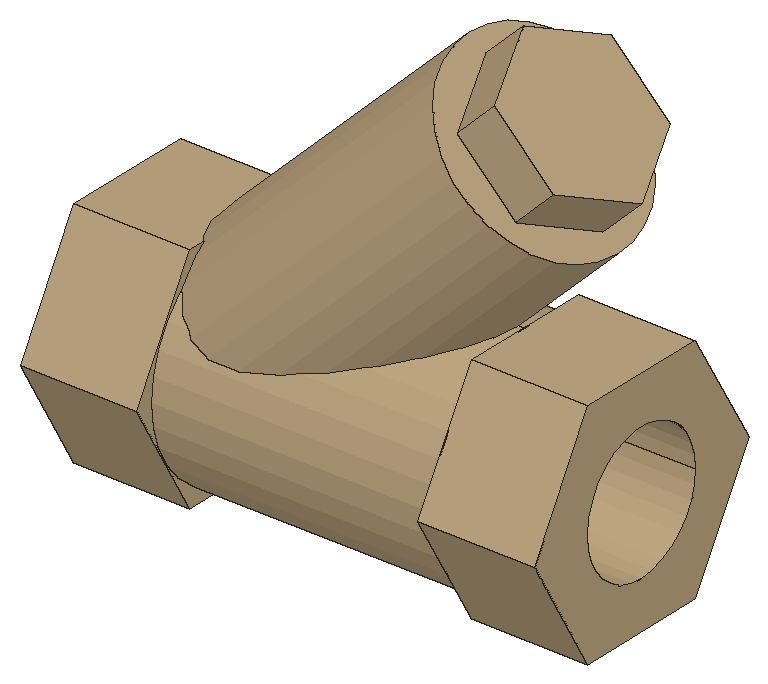
Revit family "1241 template", category Pipe Accessories, Revit 2018
Family settings
  Round Connector Dimension = Use Diameter
  Part Type = Valve - Breaks Into
  Work Plane-Based = No
  Always vertical = Yes
  Cut with Voids When Loaded = No
  Shared = No
Parameters (values of type "1241 Check Valve")
  pipe radius [instance] = Pipe Diameter / 2  # 0.3125"
  insert [instance] = 2.150"
  fillet1 = 0.200"  # constant formula
  Weight [instance] = ""
  W1 [instance] = size_lookup(LookupTable, "W1", 0.000", Nominal Diameter)  # 0.38267"
  URL = "http://www.fnw.com"
  Standards Lookup Table = "Standards"  # constant formula
  R3 [instance] = size_lookup(LookupTable, "R3", 0.000", Nominal Diameter)  # 0.47833"
  R2 [instance] = size_lookup(LookupTable, "R2", 0.000", Nominal Diameter)  # 0.53148"
  R1 [instance] = size_lookup(LookupTable, "R1", 0.000", Nominal Diameter)  # 0.53148"
  Product ID [instance] = ""
  Pipe Diameter [instance] = size_lookup(Standards Lookup Table, "copper", 0.000", Nominal Diameter)  # 0.625"
  Part Number [instance] = ""
  Nominal Diameter [instance] = 1/2"
  LookupTable = "1241 Check Valve"  # constant formula
  L4 [instance] = size_lookup(LookupTable, "L4", 0.000", Nominal Diameter)  # 1.87049"
  L3 [instance] = size_lookup(LookupTable, "L3", 0.000", Nominal Diameter)  # 0.590"
  L2 [instance] = size_lookup(LookupTable, "L2", 0.000", Nominal Diameter)  # 1.2926"
  L1 [instance] = size_lookup(LookupTable, "L1", 0.000", Nominal Diameter)  # 0.5337"
  HX1 [instance] = size_lookup(LookupTable, "HX1", 0.000", Nominal Diameter)  # 0.3314"
  H2 [instance] = size_lookup(LookupTable, "H2", 0.000", Nominal Diameter)  # 0.250"
  H1 [instance] = L4 / 3  # 0.6235"
  Grip = 0.000"  # constant formula
  Description BOM [instance] = ""
  45 = 45.00°  # constant formula
  135 = 135.00°  # constant formula
  120 = 120.00°  # constant formula
Reference planes (in)
  plane 1 "Center (Front/Back)": y = 0
  plane 2: z = 0
  plane 3 "Center (Left/Right)": x = 0
  plane 4: y = 0.19133
  plane 5: y = -0.19134
  plane 6: x = -0.6463
  plane 7: x = 0.6463
  plane 8: z = 0.53148
  plane 9: z = 0.53148
  plane 10: z = 0.3125
  plane 11: x = -1.18
  plane 12: x = 1.18
  plane 13: x = 0.97
  plane 14: x = -0.97
Forms (in)
  Revolve 1, solid, material "Bronze, Cast"
    sketch origin (0, 0, 0) x (1, 0, 0) y (0, 0, 1)
      loop
        line (-0.6463, 0) -> (0.6463, 0) -> (0.6463, 0.53148) -> (-0.6463, 0.53148) -> (-0.6463, 0)
      axis (0.6463, 0) -> (-0.6463, 0)
    angle from 0 to 360
  Extrusion 2, solid, material "Bronze, Cast"
    sketch origin (0, 0, 0) x (0, 1, 0) y (0, 0, 1)
      loop
        circle (0, 0) r 0.3125
      loop
        line (-0.6137, 0) -> (-0.30685, -0.53148) -> (0.30685, -0.53148) -> (0.6137, 0) -> (0.30685, 0.53148) -> (-0.30685, 0.53148) -> (-0.6137, 0)
    from -0.6463 to -1.18
  Extrusion 3, solid, material "Bronze, Cast"
    sketch origin (0, 0, 0) x (0, 1, 0) y (0, 0, 1)
      loop
        line (0.30685, 0.53148) -> (-0.30685, 0.53148) -> (-0.6137, 0) -> (-0.30685, -0.53148) -> (0.30685, -0.53148) -> (0.6137, 0) -> (0.30685, 0.53148)
      loop
        circle (0, 0) r 0.3125
    from 0.6463 to 1.18
  Revolve 4, solid, material "Bronze, Cast", not visible
    sketch origin (0, 0, 0) x (1, 0, 0) y (0, 0, 1)
      loop
        line (0.97, 0.5) -> (-0.97, 0.5) -> (-0.97, 0) -> (0.97, 0) -> (0.97, 0.5)
      axis (-0.97, 0) -> (0.97, 0)
    angle from 0 to 360
Dimensions and locks (in)
  equal spacing: plane 5, plane 1 "Center (Front/Back)", plane 4
  "W1": plane 5 to plane 4
  "pipe radius": plane 10 to plane 2
  "R2": plane 8 to plane 2
  "R1": plane 9 to plane 2
  "L1": plane 6 to plane 11
  "L1": plane 7 to plane 12
  equal spacing: plane 7, plane 3 "Center (Left/Right)", plane 6
  "L2": plane 7 to plane 6
  "R1": plane 1 "Center (Front/Back)" to Extrusion 2 sketch curve  (x6)
  "R1": Extrusion 3 sketch curve to plane 1 "Center (Front/Back)"  (x4)
  "insert": plane 14 to plane 12
  "insert": plane 13 to plane 11
  "R1": Extrusion 2 to plane 1 "Center (Front/Back)"  (x2)
  "L3": plane 3 "Center (Left/Right)" to nested 1
  "pipe radius": radius of Extrusion 2 sketch curve
  "pipe radius": radius of Extrusion 3 sketch curve
  "120": angle Extrusion 2 sketch curve to Extrusion 2 sketch curve  (x5)
  "120": angle Extrusion 3 sketch curve to Extrusion 3 sketch curve  (x5)
  aligned and locked: plane 2 to level
  aligned and locked: Revolve 1 sketch curve to plane 8
  aligned and locked: Revolve 1 sketch curve to plane 6
  aligned and locked: Revolve 1 sketch curve to plane 7
  aligned and locked: Extrusion 2 to plane 11
  aligned and locked: Extrusion 2 to Revolve 1
  aligned and locked: Extrusion 3 to Revolve 1
  aligned and locked: Extrusion 3 to plane 12
  aligned and locked: plane 14 to Revolve 4 sketch curve
  aligned and locked: plane 13 to Revolve 4 sketch curve
Automatic sketch dimensions
  Revolve 1 sketch curve to level = 0.000"  (x2)
  Revolve 1 sketch curve to Revolve 1 sketch curve = 1.2585"
  plane 3 "Center (Left/Right)" to Revolve 1 sketch curve = 0.500"
  Revolve 4 sketch curve to level = 0.000"  (x2)
  Revolve 4 sketch curve to plane 3 "Center (Left/Right)" = 0.000"
  Revolve 4 sketch curve to Revolve 4 sketch curve = 0.500"
  Revolve 4 sketch curve to plane 12 = 4.1085"
  Extrusion 2 sketch curve to level = 0.000"
  Extrusion 2 sketch curve to plane 1 "Center (Front/Back)" = 0.000"
  Extrusion 3 sketch curve to level = 0.000"  (x3)
  Extrusion 3 sketch curve to plane 1 "Center (Front/Back)" = 0.000"
Nested families (in)
  nested 1: "12411242Cylinder" at (-0.59, 0, 0), L4 <- "L4", R3 <- "R3", type "12411242Cylinder"
    with R3 0.47833", L4 1.87049"
  nested 2: "1241 hex cap" at (0.73264, 0, 1.32264) x (0, -1, 0) z (0.7071, 0, 0.7071), H2 <- "H2", HX1 <- "HX1", type "1241 hex cap"
    with HX1 0.3314", H2 0.250"
Connectors (in)
  piping at (0.97, 0, 0), diameter 0.5, driven by "Nominal Diameter"
    settings: on Revolve 4, index 1, connector inside diameter 24", connector length 0.000", flow factor 0, pipe flow 0 GPM, pressure drop 0.00 psi, fitting loss kfactor 0, connector angle 0.00°, fixture units 0, engagement length 0.000", angle of deflection 0.00°, flow configuration 0, flow direction 0, fitting loss method 0, system type 29, joint type 0, gender type 0, connector reference index -1, connector utility 0, adjustable connector no, is connector primary yes, connector description ""
  piping at (-0.97, 0, 0), diameter 0.5, driven by "Nominal Diameter"
    settings: on Revolve 4, index 2, connector inside diameter 24", connector length 0.000", flow factor 0, pipe flow 0 GPM, pressure drop 0.00 psi, fitting loss kfactor 0, connector angle 0.00°, fixture units 0, engagement length 0.000", angle of deflection 0.00°, flow configuration 0, flow direction 0, fitting loss method 0, system type 29, joint type 0, gender type 0, connector reference index -1, connector utility 0, adjustable connector no, is connector primary no, connector description ""
Definition of nested family "12411242Cylinder"
  Parameters (values of type "12411242Cylinder")
    R3 [instance] = 3.250"
    L4 [instance] = 21.500"
    45 = 45.00°  # constant formula
  Reference planes (in)
    plane 1 "Center (Front/Back)": y = 0
    plane 2: z = 0
    plane 3 "Center (Left/Right)": x = 0
  Forms (in)
    Sweep 1, solid
      path in 3D
        loop
          line (0, 0, 0) -> (15.2028, 0, 15.2028)
      profile origin (7.6014, 0, 7.6014) x (-0.707107, 0, 0.707107) y (0, -1, 0)
        loop
          circle (0, 0) r 3.25
  Lines and regions (in)
    model lines
      curve 1: line (0, 0, 0) -> (15.2028, 0, 15.2028)
    sketch lines
      curve 2: line (0, 0, 0) -> (15.2028, 0, 15.2028)
    reference lines
      curve 3: line (0, 0, 0) -> (0, 0, -17.5)
  Dimensions and locks (in)
    "L4": curve 1 to curve 1
    "R3": radius of Sweep 1 sketch curve
    "45": angle plane 2 to curve 1
    aligned and locked: plane 2 to level
    aligned and locked: plane 2 to curve 1
    aligned and locked: plane 3 "Center (Left/Right)" to curve 1
    aligned and locked: curve 3 to plane 3 "Center (Left/Right)"
  Automatic sketch dimensions
    curve 3 to level = 0.000"
    curve 3 to level = 17.500"
    Sweep 1 sketch curve to profile plane = 0.000"
    profile plane to Sweep 1 sketch curve = 0.000"
Definition of nested family "1241 hex cap"
  Parameters (values of type "1241 hex cap")
    HX1 [instance] = 0.750"
    H2 [instance] = 0.500"
    Default Elevation = 48.000"
    120 = 120.00°
  Reference planes (in)
    plane 1 "Center (Front/Back)": y = 0
    plane 2: z = 0
    plane 3 "Center (Left/Right)": x = 0
    plane 4: z = 0.5
  Forms (in)
    Extrusion 1, solid
      sketch origin (0, 0, 0) x (1, 0, 0) y (0, 1, 0)
        loop
          line (-48, 48) -> (-48, -48) -> (48, -48) -> (48, 48) -> (-48, 48)
      from 0 to -12
    Extrusion 2, solid
      sketch origin (0, 0, 0) x (1, 0, 0) y (0, 1, 0)
        loop
          line (0.75, 0.43301) -> (0, 0.86603) -> (-0.75, 0.43301) -> (-0.75, -0.43301) -> (0, -0.86603) -> (0.75, -0.43301) -> (0.75, 0.43301)
      from 0 to 0.5
  Lines and regions (in)
    reference lines
      curve 1: line (0, 0, 1) -> (0, 0, -1.29798)
  Dimensions and locks (in)
    "HX1": Extrusion 2 sketch curve to plane 3 "Center (Left/Right)"  (x5)
    "HX1": plane 3 "Center (Left/Right)" to Extrusion 2 sketch curve
    "H2": plane 4 to Extrusion 1
    "120": angle Extrusion 2 sketch curve to Extrusion 2 sketch curve  (x5)
    aligned and locked: plane 2 to Extrusion 1
    aligned and locked: level to Extrusion 1
    aligned and locked: Extrusion 2 to plane 4
  Automatic sketch dimensions
    Extrusion 1 sketch curve to Extrusion 1 sketch curve = 96.000"  (x2)
    curve 1 to plane 3 "Center (Left/Right)" = 0.000"
    curve 1 to level = 1.29798"
    curve 1 to plane 4 = 0.500"
